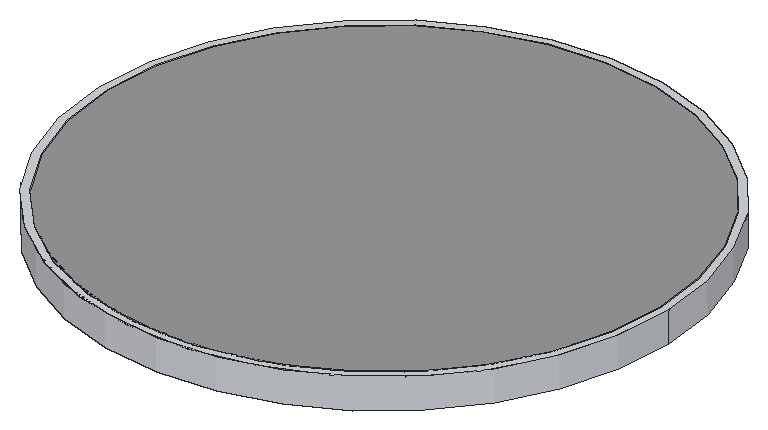
Revit family "2071320", category Lighting Fixtures, host Face, Revit 2018
Family settings
  Host = Face
  Round Connector Dimension = Use Diameter
  Part Type = Junction Box
  OmniClass Number = 23.80.70.00
  OmniClass Title = Lighting
  Cut with Voids When Loaded = No
  Light Source = Yes
  Shared = No
  Room Calculation Point = No
Parameters (values of type "2071320 COLOSSAL 1200 840 PR DIR+H WHT SSC")
  iner diameter = 1168 mm
  Weight = "n/a"
  Wattage Comments = ""
  Wattage = 30 W
  WarrantyStartDate [instance] = "n/a"
  WarrantyGuarantorParts = "n/a"
  WarrantyDurationUnit = "n/a"
  WarrantyDurationParts = ""
  WarrantyDescription = "http://www.sylvania-lighting.com"
  built-in parameter 1150110 = 1 (stored number, unit not read)
  Voltage = 230 V
  URL = "0.95"
  TypeName = "COLOSSAL 1200mm 840 PRISM DIR+HAL WHITE SSC"
  Type Image = <None>
  Type Comments = "n/a"
  built-in parameter 1114217 = 1 (stored number, unit not read)
  Tilt Angle = -90.00°
  built-in parameter 1150109 = 1 (stored number, unit not read)
  built-in parameter 1150134 = (empty or 0)
  built-in parameter 1150113 = 1 (stored number, unit not read)
  SerialNumber [instance] = "n/a"
  Photometric Web File = "2071320.ies"
  Material_3_SYL = LED-Sylvania
  PowerFactor = 0
  PowerConsumption = "Lighting"
  NominalLength = 1168 mm
  NominalHeight = 93 mm
  NominalDepth = 1168 mm
  Name = "COLOSSAL 1200mm 840 PRISM DIR+HAL WHITE SSC"
  ModelReference = Name  # "COLOSSAL 1200mm 840 PRISM DIR+HAL WHITE SSC"
  ModelNumber = "2071320"
  Model = Name  # "COLOSSAL 1200mm 840 PRISM DIR+HAL WHITE SSC"
  Material = "Feilo Sylvania"
  ManufacturerName = "142 lm/W"
  Manufacturer = ""
  LuminousEfficacy = ""
  built-in parameter 1150105 = 270.44 (stored number, unit not read)
  Lumens = 3398.4 lm
  LuminaireType = "0"
  built-in parameter 1150115 = 1 (stored number, unit not read)
  LightOutputRatio = "LED"
  built-in parameter 1150137 = (empty or 0)
  built-in parameter 1150139 = (empty or 0)
  LampsType = Lamp  # "n/a"
  LampNominalLuminous = "4000 K"
  LampMacAdamStep = "80"
  LampColourTemperature = "LED"
  LampColourRenderingIndex = "16500"
  built-in parameter 1150112 = 1 (stored number, unit not read)
  built-in parameter 1150114 = 1 (stored number, unit not read)
  Lamp = "n/a"
  Keynote = "n/a"
  InstallationDate [instance] = "n/a"
  InputVoltage = "0"
  InputNominalFrequency = "4000"
  built-in parameter 1150132 = (empty or 0)
  built-in parameter 1150102 = (empty or 0)
  built-in parameter 1150107 = 3000 (stored number, unit not read)
  built-in parameter 1150138 = (empty or 0)
  IngressProtection = "IfcLightFixtureType"
  ImpactProtectionIndex = "IfcLightFixtureType"
  built-in parameter 1150106 = 2.7044 (stored number, unit not read)
  IfcExportType = "IfcLightFixtureType"
  IfcExportAs = "Class I"
  Emit from Circle Diameter = 385 mm
  Emit Shape Visible in Rendering = no
  ElectricShockClassification = "142"
  built-in parameter 1150104 = 10.524 (stored number, unit not read)
  DocumentationLiterature = "http://www.sylvania-lighting.com/product/en-int/products/2071320"
  DimmingControlOptions = "n/a"
  Material_2_SYL = Polycarbonate_Sylvania_White
  Dimming Lamp Color Temperature Shift = <None>
  Description = "1200mm diameter circular architectural luminaire, can be surface mounted or suspended. Powder coated aluminium housing (RAL9016) with PMMA prismatic diffuser. Direct/indirect (halo) light distribution, 16665lm luminuous flux, 117.5W system power, 142lm/W luminiaire efficacy. Sylsmart Standalone enabled. Colour rendering index Ra >80, 4000K Neutral White LED, chromaticity tolerance of 3-step MacAdam ellipse. IP40/IP20, IK03. 350mA drive current. UGR≤19. Electrical protection Class1, 220-240V. Reported lifetime 66k hours L90B10."
  Default Elevation = 1219.2 mm
  CreatedOn = "23/03/2022"
  CreatedBy = "@sylvania-lighting.com"
  Cost = 0
  Color Filter = 16777215
  built-in parameter 1114216 [instance] = (empty or 0)
  ClassificationValue = "EF_70_80"
  ClassificationName = "Uniclass2015"
  Material_1_SYL = Polycarbonate_Sylvania_Opal
  BarCode [instance] = "n/a"
  built-in parameter 1114218 = 1 (stored number, unit not read)
  built-in parameter 1150133 = 10 (stored number, unit not read)
  AssetType = "Fixed"
  AssetIdentifier [instance] = "n/a"
  Assembly Code = "D5020200"
  Apparent Load = 117.5 VA
  Material_4_SYL = none
Reference planes
  plane 1 "Center (Front/Back)": y = 0
  plane 2: z = 0
  plane 3 "Center (Left/Right)": x = 0
  plane 4: z = 1.161
  plane 5: z = 16.161
  plane 6: y = 584
  plane 7: y = -584
  plane 8: x = 85
  plane 9: x = -85
  plane 10: through (0, 0, 1219.2) normal (0.5, 0.866, 0)
  plane 11: through (42.5, 73.612, 1219.2) normal (0.5, 0.866, 0)
  plane 12: through (-42.5, -73.612, 1219.2) normal (0.5, 0.866, 0)
  plane 13: through (0, 0, 1219.2) normal (0.5, -0.866, 0)
  plane 14: through (-42.5, 73.612, 1219.2) normal (0.5, -0.866, 0)
  plane 15: through (42.5, -73.612, 1219.2) normal (0.5, -0.866, 0)
  plane 16: z = 93
  plane 17: y = 584
  plane 18: y = -584
  plane 19: y = -429
  plane 20: x = -584
  plane 21: x = 584
Forms (mm)
  Extrusion 1, solid, detail levels medium+fine
    sketch origin (0, 0, 0) x (0.866025, -0.5, 0) y (0.5, 0.866025, 0)
      loop
        circle (-50, 86.603) r 22
    from 0 to 2
  Extrusion 2, solid, detail levels medium+fine
    sketch origin (0, 0, 0) x (0.866025, -0.5, 0) y (0.5, 0.866025, 0)
      loop
        circle (100, 0) r 22
      loop
        circle (-50, -86.603) r 22
    from 0 to 2
  Extrusion 3, solid, detail levels medium+fine
    sketch origin (0, 0, 0) x (1, 0, 0) y (0, 1, 0)
      loop
        circle (0, 0) r 584
    from 30 to 93
  Extrusion 4, void
    sketch origin (0, 0, 0) x (1, 0, 0) y (0, 1, 0)
      loop
        circle (0, 0) r 568
    from 96.588 to 37.292
  Extrusion 5, solid, material "Glass, White, High Luminance", detail levels fine
    sketch origin (0, 0, 0) x (1, 0, 0) y (0, 1, 0)
      loop
        circle (0, 0) r 568
    from 88.022 to 93
  Extrusion 6, solid, detail levels coarse
    sketch origin (0, 0, 0) x (1, 0, 0) y (0, 1, 0)
      loop
        line (-584, 584) -> (-584, -584) -> (584, -584) -> (584, 584) -> (-584, 584)
    from 0 to 93
  Blend 7, solid, detail levels medium+fine
    base sketch origin (-10.814, 11.299, 29.922) x (1, 0, 0) y (0, 1, 0)
      loop
        line (-402.654, -330.622) -> (397.346, -330.622) -> (482.346, -183.398) -> (82.346, 509.423) -> (-87.654, 509.423) -> (-487.654, -183.398) -> (-402.654, -330.622)
    top sketch origin (-10.814, 11.299, 29.922) x (1, 0, 0) y (0, 1, 0)
      loop
        line (-363.391, -306.496) -> (364.632, -306.496) -> (449.632, -159.272) -> (87.132, 468.597) -> (-82.868, 468.597) -> (-445.368, -159.272) -> (-363.391, -306.496)
    from 0 to -30
Cuts and joins
  Extrusion 4 cuts Extrusion 1
  Extrusion 4 cuts Extrusion 2
  Extrusion 4 cuts Extrusion 3
Lines and regions (mm)
  model lines, detail levels medium+fine
    curve 1: circle (0, 0, 0) r 155 normal (0, 0, 1)
  reference lines
    curve 2: circle (0, 0, 0) r 489 normal (0, 0, 1)
    curve 3: circle (0, 0, 0) r 521 normal (0, 0, 1)
    curve 4: line (0, 0, 0) -> (606.218, -350, 0)
    curve 5: line (0, 0, 0) -> (0, 825, 0)
    curve 6: line (0, 0, 0) -> (-623.538, -360, 0)
    curve 7: line (639.013, -270.785, 0) -> (85, 49.075, 0)
    curve 8: line (563.718, -423.612, 0) -> (0, -98.15, 0)
    curve 9: line (85, 49.075, 0) -> (85, 825, 0)
    curve 10: line (-85, 49.075, 0) -> (-85, 825, 0)
    curve 11: line (-85, 49.075, 0) -> (-666.038, -286.388, 0)
    curve 12: line (-581.038, -433.612, 0) -> (0, -98.15, 0)
Dimensions and locks
  plane 4 to level = 1.161 mm
  locked: plane 5 to plane 4 at 15
  "NominalDepth": plane 6 to plane 7
  plane 6 to plane 1 "Center (Front/Back)" to plane 7 = 584 mm, 584 mm
  "NominalHeight": level to plane 16
  equal spacing: plane 17, plane 1 "Center (Front/Back)", plane 18
  "NominalLength": plane 20 to plane 21
  equal spacing: plane 20, plane 3 "Center (Left/Right)", plane 21
  aligned and locked: plane 2 to host face
  aligned and locked: level to host face
  aligned and locked: plane 6 to Extrusion 6
Automatic sketch dimensions
  host sketch curve to host sketch curve = 2438.4 mm  (x2)
  Extrusion 1 sketch curve to plane 3 "Center (Left/Right)" = 0 mm
  Extrusion 1 sketch curve to plane 1 "Center (Front/Back)" = 100 mm
  plane 1 "Center (Front/Back)" to Extrusion 2 sketch curve = 50 mm
  Extrusion 2 sketch curve to plane 3 "Center (Left/Right)" = 86.603 mm
  Extrusion 2 sketch curve to Extrusion 2 sketch curve = 150 mm
  Extrusion 2 sketch curve to Extrusion 2 sketch curve = 86.603 mm
  plane 1 "Center (Front/Back)" to curve 1 = 0 mm
  curve 1 to plane 3 "Center (Left/Right)" = 0 mm
  plane 1 "Center (Front/Back)" to Extrusion 3 sketch curve = 0 mm
  Extrusion 3 sketch curve to plane 3 "Center (Left/Right)" = 0 mm
  plane 1 "Center (Front/Back)" to Extrusion 4 sketch curve = 0 mm
  Extrusion 4 sketch curve to plane 3 "Center (Left/Right)" = 0 mm
  plane 1 "Center (Front/Back)" to Extrusion 5 sketch curve = 0 mm
  Extrusion 5 sketch curve to plane 3 "Center (Left/Right)" = 0 mm
  curve 2 to curve 3 = 0 mm  (x2)
  curve 11 to plane 14 = 0 mm
  curve 6 to plane 13 = 0 mm
  curve 12 to plane 15 = 0 mm
  curve 10 to plane 9 = 0 mm
  curve 12 to plane 3 "Center (Left/Right)" = 0 mm
  plane 1 "Center (Front/Back)" to curve 3 = 0 mm
  curve 3 to plane 3 "Center (Left/Right)" = 0 mm
  curve 7 to plane 8 = 0 mm
  curve 11 to plane 10 = 0 mm
  curve 12 to plane 19 = 4.612 mm
  plane 19 to curve 6 = 69 mm
  plane 19 to curve 11 = 142.612 mm
  plane 19 to curve 8 = 5.388 mm
  plane 19 to curve 4 = 79 mm
  plane 19 to curve 7 = 158.215 mm
  plane 6 to curve 5 = 241 mm
  curve 10 to curve 5 = 0 mm
  curve 5 to curve 9 = 0 mm
  plane 1 "Center (Front/Back)" to curve 6 = 0 mm
  curve 6 to plane 3 "Center (Left/Right)" = 0 mm
  Extrusion 6 sketch curve to plane 7 = 0 mm
  Extrusion 6 sketch curve to plane 6 = 0 mm
  Blend 7 sketch curve to plane 6 = 756.098 mm  (x2)
  Blend 7 sketch curve to Blend 7 sketch curve = 85 mm
  plane 3 "Center (Left/Right)" to Blend 7 sketch curve = 386.532 mm
  plane 8 to Blend 7 sketch curve = 386.532 mm
  Blend 7 sketch curve to plane 6 = 63.278 mm
  Blend 7 sketch curve to plane 6 = 731.972 mm  (x2)
  Blend 7 sketch curve to Blend 7 sketch curve = 81.977 mm
  plane 3 "Center (Left/Right)" to Blend 7 sketch curve = 353.818 mm
  plane 8 to Blend 7 sketch curve = 353.818 mm
  Blend 7 sketch curve to plane 6 = 104.104 mm
  plane 12 to curve 8 = 0 mm
  plane 19 to Blend 7 sketch curve = 109.677 mm
  plane 19 to Blend 7 sketch curve = 133.803 mm
  plane 8 to Extrusion 6 sketch curve = 499 mm
  Extrusion 6 sketch curve to plane 9 = 499 mm
  Blend 7 sketch curve to plane 8 = 13.468 mm
  Blend 7 sketch curve to plane 9 = 13.468 mm
  Blend 7 sketch curve to plane 9 = 328.468 mm
  Blend 7 sketch curve to plane 8 = 8.682 mm
  Blend 7 sketch curve to plane 9 = 8.682 mm
  Blend 7 sketch curve to plane 9 = 289.205 mm
  plane 10 to curve 4 = 0 mm
  plane 11 to curve 7 = 0 mm
  curve 12 to plane 12 = 0 mm
  curve 9 to plane 11 = 0 mm
  radius of Extrusion 1 sketch curve = 22 mm
  radius of Extrusion 2 sketch curve = 22 mm  (x2)
  radius of curve 1 = 155 mm
  radius of Extrusion 3 sketch curve = 584 mm
  radius of Extrusion 4 sketch curve = 568 mm
  radius of Extrusion 5 sketch curve = 568 mm
  radius of curve 2 = 489 mm
  radius of curve 3 = 521 mm
Connectors
  electrical at (0, 0, 30)
    settings: on cut or joined group of Extrusion 3, Extrusion 4, index 1, voltage 0 V, apparent load 0 VA, apparent load phase1 0 VA, apparent load phase2 0 VA, apparent load phase3 0 VA, power factor 1, load classification "Other", number of poles 1, system type 31, power factor state 1, is connector primary yes, connector utility no, sub classification motor no, connector description ""
